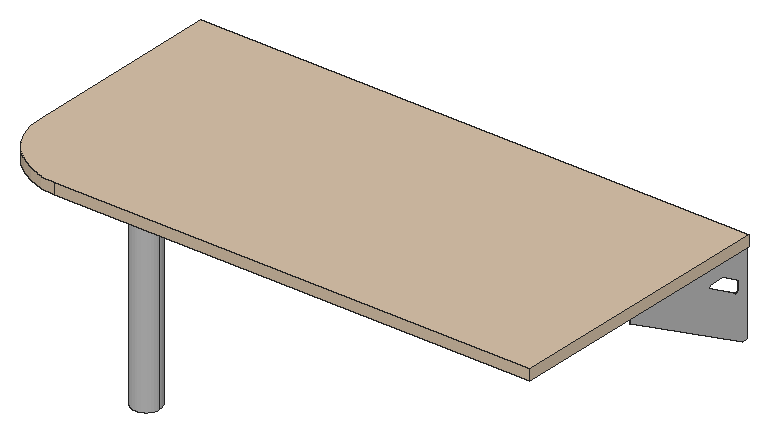
Revit family "Haworth_Compose_Worksurface_RectangularRadiusEnd", category Furniture Systems, Revit 2018
Family settings
  Round Connector Dimension = Use Diameter
  Part Type = Normal
  OmniClass Number = 23.40.70.14.64.21
  OmniClass Title = Systems Furniture
  Work Plane-Based = No
  Always vertical = Yes
  Cut with Voids When Loaded = No
  Shared = No
  Room Calculation Point = No
Parameters (values of type "60w 30d")
  Worksurface Finish = Haworth _ Laminate _ Maple H-AE
  Worksurface Edge Finish = Haworth _ Laminate _ Maple H-AE
  Warranty = "http://www.haworth.com/resources/product-info/warranties"
  URL - Product = "http://www.haworth.com/products/workspaces/panel-based/compose"
  Sustainability Info = "http://media.haworth.com/asset/2999/Compose%20PEDS.pdf"
  Support Right [instance] = and(Right Leg, or(Support Panel, Support Post_90 Degree, Support Post_45 Degree, Support P Leg, Support Column, Double Support Leg, Cantilever Bracket))  # yes
  Support Post_90 Degree = no
  Support Post_45 Degree = no
  Support Panel = no
  Support P Leg = no
  Support Left [instance] = and(Left Leg, or(Support Panel, Support Post_90 Degree, Support Post_45 Degree, Support P Leg, Support Column, Double Support Leg, Cantilever Bracket))  # yes
  Support Finish = Haworth _ Paint _ Metallic Champagne
  Support Column = yes
  Right Leg [instance] = yes
  No Legs [instance] = not(or(Left Leg, Right Leg))  # no
  Model = "Haworth - Compose"  # constant formula
  Min. Depth = 18"  # constant formula
  Max. Depth = 36"  # constant formula
  Left Leg [instance] = yes
  Height = 29"
  Width = 60"
  URL = "www.haworth.com"
  Support Height = Height - Table Thickness  # 27 13/16"
  Size = "Verify Final Dim. w/ Haworth"  # constant formula
  Revision Number = "4"  # constant formula
  Min/Max Width = "24-60 in."  # constant formula
  Min/Max Height = "26-32 in."  # constant formula
  Min. Width = 24"  # constant formula
  Max. Width = 120"  # constant formula
  Min. Height = 24"  # constant formula
  Max. Height = 48"  # constant formula
  Manufacturer = "Haworth"  # constant formula
  End Support Location = if(Support Panel, 3/4", 1 3/4")  # 1 3/4"
  Double Support Leg = no
  Description = "Haworth - Worksurface - Compose Rectangular - Radius End"  # constant formula
  Depth = 30"
  Custom Size = not(and(and(not(Height > 32"), not(Height < 26")), or(Depth = 18", Depth = 24", Depth = 30"), or(Width = 24", Width = 30", Width = 36", Width = 42", Width = 48", Width = 54", Width = 60")))  # no
  Cantilever Bracket Location = 1 3/4"  # constant formula
  Cantilever Bracket = yes
  Author = "Haworth (Hampton)"  # constant formula
  Assembly Code = "E2020200"
  Actual Width = if(Width > Max. Width, Max. Width, if(Width < Min. Width, Min. Width, Width))  # 60"
  Actual Height = if(Height > Max. Height, Max. Height, if(Height < Min. Height, Min. Height, Height))  # 29"
  Table Thickness = 1 3/16"  # constant formula
  Min/Max Depth = "18-30 in."  # constant formula
  Actual Depth = if(Depth > Max. Depth, Max. Depth, if(Depth < Min. Depth, Min. Depth, Depth))  # 30"
Reference planes (in)
  plane 1 "Center F/B": y = 0
  plane 2 "Floor": z = 0
  plane 3 "Center L/R": x = 0
  plane 4 "Table Edge Left": x = -30
  plane 5 "Table Edge Right": x = 30
  plane 6 "Table Edge Back": y = -15
  plane 7 "Table Edge Front": y = 15
  plane 8 "Table top": z = 29
  plane 9 "End Support Location": x = -28.25
  plane 10 "Masking Region": z = 27
  plane 11: y = -7
  plane 12: x = -22
Lines and regions (in)
  Masking region 1
    outline origin (0, 0, 27) x (0, -1, 0) y (1, 0, 0)
      loop
        line (-15, -30) -> (7, -30)
        arc (7, -30) -> (12.65685, -27.65685) -> (15, -22) r 8
        line (15, -22) -> (15, 30) -> (-15, 30) -> (-15, -30)
Dimensions and locks (in)
  "Actual Depth": plane 7 "Table Edge Front" to plane 6 "Table Edge Back"
  "Actual Width": plane 4 "Table Edge Left" to plane 5 "Table Edge Right"
  equal spacing: plane 4 "Table Edge Left", plane 3 "Center L/R", plane 5 "Table Edge Right"
  equal spacing: plane 7 "Table Edge Front", plane 1 "Center F/B", plane 6 "Table Edge Back"
  "Actual Height": plane 8 "Table top" to level
  "End Support Location": plane 4 "Table Edge Left" to plane 9 "End Support Location"
  "End Support Location": nested 7 to plane 5 "Table Edge Right"
  locked: plane 4 "Table Edge Left" to nested 3 at 3
  locked: nested 3 to plane 6 "Table Edge Back" at 12
  locked: plane 7 "Table Edge Front" to nested 2 at 3
  locked: plane 4 "Table Edge Left" to nested 2 at 3
  locked: nested 5 to plane 5 "Table Edge Right" at 3
  locked: nested 5 to plane 6 "Table Edge Back" at 3
  locked: plane 7 "Table Edge Front" to nested 4 at 3
  locked: nested 4 to plane 5 "Table Edge Right" at 3
  locked: plane 4 "Table Edge Left" to nested 6 at 6
  locked: plane 8 "Table top" to plane 10 "Masking Region" at 2
  "Cantilever Bracket Location": nested 8 to plane 5 "Table Edge Right"
  locked: plane 4 "Table Edge Left" to plane 12 at 8
  locked: plane 11 to plane 6 "Table Edge Back" at 8
  aligned and locked: plane 3 "Center L/R" to nested 1
  aligned and locked: plane 1 "Center F/B" to nested 1
  aligned and locked: nested 7 to plane 1 "Center F/B"
  aligned and locked: plane 1 "Center F/B" to nested 6
  aligned and locked: plane 4 "Table Edge Left" to Masking region 1 sketch curve
  aligned and locked: Masking region 1 sketch curve to plane 7 "Table Edge Front"
  aligned and locked: nested 1 to Masking region 1 sketch curve
  aligned and locked: Masking region 1 sketch curve to nested 1
  aligned and locked: plane 7 "Table Edge Front" to nested 8
  aligned: plane 5 "Table Edge Right" to nested 8
  aligned: nested 8 to plane 5 "Table Edge Right"
Automatic sketch dimensions
  Masking region 1 sketch curve to plane 11 = 0"
Nested families (in)
  nested 1: "Worksurface-Rectangular_Radius_End" at (0, -15, 0), type "Worksurface"
  nested 2: "Haworth_Worksurface-Support_Part-Leg" at (-35.5, -9.23931, 0), visible <- "Support Left", type "Support"
  nested 3: "Haworth_Worksurface-Support_Part-Leg" at (-35.5, 18.23931, 0), visible <- "Support Left", type "Support"
  nested 4: "Haworth_Worksurface-Support_Part-Leg" at (18.5, 33.23931, 0), visible <- "Support Right", type "Support"
  nested 5: "Haworth_Worksurface-Support_Part-Leg" at (35.5, 9.23931, 0) x (-1, 0, 0) z (0, 0, 1), visible <- "Support Right", type "Support"
  nested 6: "Haworth_Worksurface-Support_Part-Round" at (-24, -5.5, 0), visible <- "Support Left", type "Base"
    with Disc Base no
  nested 7: "Haworth_Worksurface-Support_Part-End" at (19.75, 7.86431, 0), visible <- "Support Right", type "Support"
    with Support P Leg no, Leg Support no, Back Support Location 1"
  nested 8: "Haworth_Worksurface-Support_Part-Cantilever-Compose" at (38.32813, 7.86431, 0) x (-1, 0, 0) z (0, 0, 1), visible <- "Support Right", type "Support"
Definition of nested family "Worksurface-Rectangular_Radius_End"
  Parameters
    Width = 0"
    Warranty = ""
    URL - Product = ""
    URL = "www.haworth.com"
    Table Thickness = 1 3/16"
    Table Finish = none
    Table Edge Finish = none
    Sustainability Info = ""
    Size = "Verify Final Dim. w/ Haworth"  # constant formula
    Revision Number = ""
    OmniClass Number = ""
    Min/Max Width = ""
    Min/Max Height = ""
    Min. Width = 0"
    Max. Width = 0"
    Min. Height = 0"
    Max. Height = 0"
    Material Options = ""
    Manufacturer = "Haworth"  # constant formula
    LEED Data = ""
    Height = 0"
    Author = "Sarah Hampton"  # constant formula
    Assembly Code = ""
    Actual Width = 60"
    Actual Height = 29"
    Actual Depth = 30"
  Reference planes (in)
    plane 1 "Center F/B": y = 15
    plane 2: z = 0
    plane 3 "Center L/R": x = 0
    plane 4 "Table Front": y = 30
    plane 5 "Table Right": x = 30
    plane 6 "Table Left": x = -30
    plane 7 "Table Back": y = 0
    plane 8 "Table Top": z = 29
    plane 9 "Table Bottom": z = 27.8125
    plane 10: x = -22
    plane 11: y = 8
  Forms (in)
    Extrusion 1, solid, material <- "Table Finish"
      sketch origin (0, 0, 0) x (1, 0, 0) y (0, 1, 0)
        loop
          line (-30, 30) -> (-30, 8)
          arc (-30, 8) -> (-27.65685, 2.34315) -> (-22, 0) r 8
          line (-22, 0) -> (30, 0) -> (30, 30) -> (-30, 30)
      from 27.8125 to 29
  Lines and regions (in)
    Masking region 1
      outline origin (0, 0, 29) x (-1, 0, 0) y (0, -1, 0)
        loop
          line (30, -30) -> (30, -8)
          arc (30, -8) -> (27.65685, -2.34315) -> (22, 0) r 8
          line (22, 0) -> (-30, 0) -> (-30, -30) -> (30, -30)
  Dimensions and locks (in)
    "Actual Depth": plane 7 "Table Back" to plane 4 "Table Front"
    "Actual Width": plane 6 "Table Left" to plane 5 "Table Right"
    equal spacing: plane 6 "Table Left", plane 3 "Center L/R", plane 5 "Table Right"
    equal spacing: plane 4 "Table Front", plane 1 "Center F/B", plane 7 "Table Back"
    "Table Thickness": plane 8 "Table Top" to plane 9 "Table Bottom"
    "Actual Height": plane 8 "Table Top" to level
    locked: plane 7 "Table Back" to plane 11 at 8
    locked: plane 6 "Table Left" to plane 10 at 8
    aligned and locked: plane 6 "Table Left" to Extrusion 1 sketch curve
    aligned and locked: Extrusion 1 sketch curve to plane 4 "Table Front"
    aligned and locked: plane 7 "Table Back" to Extrusion 1 sketch curve
    aligned and locked: plane 5 "Table Right" to Extrusion 1 sketch curve
    aligned and locked: plane 8 "Table Top" to Extrusion 1
    aligned and locked: Extrusion 1 to plane 9 "Table Bottom"
    aligned and locked: Masking region 1 sketch curve to plane 7 "Table Back"
    aligned and locked: plane 5 "Table Right" to Masking region 1 sketch curve
    aligned and locked: Masking region 1 sketch curve to plane 4 "Table Front"
    aligned and locked: plane 6 "Table Left" to Masking region 1 sketch curve
  Automatic sketch dimensions
    Masking region 1 sketch curve to plane 10 = 0"
    Extrusion 1 sketch curve to plane 10 = 0"
Definition of nested family "Haworth_Worksurface-Support_Part-Round"
  Parameters
    Warranty = ""
    URL - Product = ""
    URL = "www.haworth.com"
    Support Column = yes
    Leg Height = 27 13/16"
    Disc Radius = 10 1/2"
    Disc Base = yes
    Base Finish = none
    Sustainability Info = ""
    Size = "Verify Final Dim. w/ Haworth"  # constant formula
    Revision Number = ""
    OmniClass Number = ""
    Material Options = ""
    Manufacturer = "Haworth"  # constant formula
    LEED Data = ""
    Author = "SHAPE Environments, LLC"  # constant formula
    Assembly Code = ""
  Reference planes (in)
    plane 1 "Center F/B": y = 5.5
    plane 2: z = 0
    plane 3 "Center L/R": x = 0
    plane 4 "Table Bottom": z = 27.8125
  Forms (in)
    Revolve 1, solid, material <- "Base Finish", visible <- "Disc Base"
      sketch origin (0, 5.5, 0) x (1, 0, 0) y (0, 0, 1)
        loop
          line (0, 27.8125) -> (-1.5, 27.8125) -> (-1.5, 1.25) -> (-3.53244, 1.25) -> (-4.28244, 0.5) -> (-10.5, 0.5) -> (-10.5, 0) -> (0, 0) -> (0, 27.8125)
        axis (0, 27.8125) -> (0, 0)
      angle from 0 to 360
    Revolve 2, solid, material <- "Base Finish", visible <- "Support Column"
      sketch origin (0, 5.5, 0) x (1, 0, 0) y (0, 0, 1)
        loop
          line (0, 27.8125) -> (-1.5, 27.8125) -> (-1.5, 0) -> (0, 0) -> (0, 27.8125)
        axis (0, 27.8125) -> (0, 0)
      angle from 0 to 360
  Lines and regions (in)
    symbolic lines, visible <- "Disc Base", detail levels fine
      curve 1: circle (0, 5.5, 0) r 10.5 normal (0, 0, 1)
      curve 3: circle (0, 5.5, 0) r 1.5 normal (0, 0, 1)
    symbolic lines, visible <- "Support Column", detail levels fine
      curve 2: circle (0, 5.5, 0) r 1.5 normal (0, 0, 1)
  Dimensions and locks (in)
    "Disc Radius": plane 3 "Center L/R" to Revolve 1 sketch curve
    "Leg Height": plane 4 "Table Bottom" to level
    plane 3 "Center L/R" to Revolve 1 sketch curve = 1 1/2"
    locked: plane 3 "Center L/R" to Revolve 2 sketch curve at 1.5
    aligned and locked: Revolve 1 to plane 4 "Table Bottom"  (x2)
  Automatic sketch dimensions
    Revolve 1 sketch curve to level = 0"
    Revolve 1 sketch curve to plane 4 "Table Bottom" = 0"
    Revolve 1 sketch curve to plane 3 "Center L/R" = 0"  (x2)
    Revolve 1 sketch curve to Revolve 1 sketch curve = 2.03244"
    level to Revolve 1 sketch curve = 1/2"
    Revolve 1 sketch curve to Revolve 1 sketch curve = 3/4"
    Revolve 1 sketch curve to Revolve 1 sketch curve = 6.24462"
    level to Revolve 1 sketch curve = 1 1/4"
    Revolve 1 sketch curve to Revolve 1 sketch curve = 7.21204"
    Revolve 2 sketch curve to plane 4 "Table Bottom" = 0"
    Revolve 2 sketch curve to plane 3 "Center L/R" = 0"  (x2)
    Revolve 2 sketch curve to Revolve 2 sketch curve = 6.24462"
    Revolve 2 sketch curve to Revolve 2 sketch curve = 7.21204"
    Revolve 2 sketch curve to level = 0"
    curve 1 to curve 2 = 0"  (x2)
    curve 1 to curve 3 = 0"  (x2)
    curve 2 to curve 3 = 0"  (x2)
    plane 1 "Center F/B" to curve 2 = 0"
    curve 2 to plane 3 "Center L/R" = 0"
    radius of curve 1 = 10 1/2"
    radius of curve 2 = 1 1/2"
    radius of curve 3 = 1 1/2"
Definition of nested family "Haworth_Worksurface-Support_Part-Cantilever-Compose"
  Parameters
    Worksurface Height = 29"
    Worksurface Depth = 30"
    Warranty = ""
    URL - Product = ""
    URL = "www.haworth.com"
    Top Thickness = 1 3/16"
    Sustainability Info = ""
    Support Thickness = 3/32"  # constant formula
    Support Height = Actual Height - Top Thickness  # 27 13/16"
    Support Finish = none
    Support Depth = 16"  # constant formula
    Size = "Verify Final Dim. w/ Haworth"  # constant formula
    Revision Number = "1"  # constant formula
    Model = "Worksurface"
    Standard Height = "12.75 in."  # constant formula
    Standard Depth = "15.75 in."  # constant formula
    Min. Height = 20"  # constant formula
    Min. Depth = 18"  # constant formula
    Max. Height = 48"  # constant formula
    Max. Depth = 36"  # constant formula
    Manufacturer = "Haworth"  # constant formula
    LEED Data = ""
    Description = "Worksurface Support End"  # constant formula
    Cantilever Bracket = yes
    Bottom Strut Thickness = 1"  # constant formula
    Bottom Strut Location = 9"  # constant formula
    Author = "SHAPE Environments, LLC"  # constant formula
    Assembly Code = ""
    Actual Top Thickness = if(Top Thickness > 3", 3", if(Top Thickness < 1", 1", Top Thickness))  # 1 3/16"
    Actual Height = 29"
    Actual Depth = 30"
  Reference planes (in)
    plane 1: z = 0
    plane 2 "Center L/R": x = 8.5
    plane 3 "Support Left Edge": x = 8.45312
    plane 4 "Support Right Edge": x = 8.54688
    plane 5 "Back": y = 7.13569
    plane 6 "Front": y = -8.86431
    plane 7 "Support Top": z = 27.8125
  Forms (in)
    Extrusion 1, solid, material <- "Support Finish", visible <- "Cantilever Bracket"
      sketch origin (8.45312, 0, 0) x (0, -1, 0) y (0, 0, 1)
        loop
          line (-7.13569, 27.71875) -> (-7.13569, 18.71875) -> (-6.51069, 18.71875) -> (8.86431, 27.23304) -> (8.86431, 27.71875) -> (-7.13569, 27.71875)
        loop
          line (-2.13709, 26.21875) -> (-3.85577, 26.21875)
          arc (-3.85577, 26.21875) -> (-3.91832, 26.2108) -> (-3.97688, 26.18745) r 0.25
          line (-3.97688, 26.18745) -> (-5.94171, 25.09938)
          arc (-5.94171, 25.09938) -> (-5.99206, 25.0533) -> (-6.01069, 24.98764) r 0.125
          line (-6.01069, 24.98764) -> (-6.01069, 24.06204)
          arc (-6.01069, 24.06204) -> (-5.88914, 23.84756) -> (-5.64268, 23.84164) r 0.25
          line (-5.64268, 23.84164) -> (-2.03161, 25.84136)
          arc (-2.03161, 25.84136) -> (-1.94116, 26.07007) -> (-2.13709, 26.21875) r 0.20343
      from 0 to -0.09375
    Extrusion 2, solid, material <- "Support Finish", visible <- "Cantilever Bracket"
      sketch origin (0, 0, 27.8125) x (-1, 0, 0) y (0, -1, 0)
        loop
          line (-8.45313, -6.51069) -> (-8.45312, 8.86431) -> (-10.07812, 8.86431) -> (-10.07813, -6.51069) -> (-8.45313, -6.51069)
      from 0 to -0.09375
  Cuts and joins
    joined: Extrusion 1, Extrusion 2
  Lines and regions (in)
    symbolic lines, visible <- "Cantilever Bracket", detail levels fine
      curve 1: line (8.45312, 7.13569, 0) -> (8.54688, 7.13569, 0)
      curve 2: line (8.45312, -8.86431, 0) -> (8.45312, 7.13569, 0)
      curve 3: line (10.07813, -8.86431, 0) -> (8.45312, -8.86431, 0)
      curve 4: line (8.54688, 7.13569, 0) -> (8.54688, 6.51069, 0)
      curve 5: line (8.54688, 6.51069, 0) -> (10.07813, 6.51069, 0)
      curve 6: line (10.07813, 6.51069, 0) -> (10.07813, -8.86431, 0)
  Dimensions and locks (in)
    "Support Thickness": plane 3 "Support Left Edge" to plane 4 "Support Right Edge"
    equal spacing: plane 3 "Support Left Edge", plane 2 "Center L/R", plane 4 "Support Right Edge"
    "Support Depth": plane 5 "Back" to plane 6 "Front"
    "Support Height": plane 7 "Support Top" to level
    locked: Extrusion 1 sketch curve to Extrusion 1 sketch curve at 9
    locked: Extrusion 1 sketch curve to Extrusion 1 sketch curve at 1.125
    locked: Extrusion 1 sketch curve to Extrusion 1 sketch curve at 1.5
    aligned and locked: plane 4 "Support Right Edge" to Extrusion 1
    aligned and locked: plane 7 "Support Top" to Extrusion 2
  Automatic sketch dimensions
    Extrusion 2 sketch curve to plane 6 "Front" = 0"
    Extrusion 2 sketch curve to plane 3 "Support Left Edge" = 0"
    plane 4 "Support Right Edge" to Extrusion 2 sketch curve = 1 17/32"
    Extrusion 2 sketch curve to plane 5 "Back" = 5/8"
    Extrusion 1 sketch curve to plane 5 "Back" = 0"
    Extrusion 1 sketch curve to plane 6 "Front" = 0"
    Extrusion 1 sketch curve to plane 5 "Back" = 5/8"
    Extrusion 1 sketch curve to Extrusion 1 sketch curve = 0.06898"
    Extrusion 1 sketch curve to Extrusion 1 sketch curve = 1/8"
    Extrusion 1 sketch curve to Extrusion 1 sketch curve = 1/4"  (x2)
    Extrusion 1 sketch curve to Extrusion 1 sketch curve = 0.11801"
    Extrusion 1 sketch curve to Extrusion 1 sketch curve = 1 247/256"
    Extrusion 1 sketch curve to Extrusion 1 sketch curve = 31/256"
    Extrusion 1 sketch curve to Extrusion 1 sketch curve = 1.71868"
    Extrusion 1 sketch curve to Extrusion 1 sketch curve = 27/256"
    Extrusion 1 sketch curve to plane 7 "Support Top" = 9 3/32"
    Extrusion 1 sketch curve to Extrusion 1 sketch curve = 2.37711"
    Extrusion 1 sketch curve to Extrusion 1 sketch curve = 0.9256"
    Extrusion 1 sketch curve to Extrusion 1 sketch curve = 0.37739"
    Extrusion 1 sketch curve to Extrusion 1 sketch curve = 0.48571"
    curve 3 to plane 3 "Support Left Edge" = 0"
    curve 1 to plane 4 "Support Right Edge" = 0"
    curve 6 to plane 6 "Front" = 0"
    curve 4 to plane 5 "Back" = 0"
    curve 6 to plane 5 "Back" = 5/8"
    plane 4 "Support Right Edge" to curve 6 = 1 17/32"
Definition of nested family "Haworth_Worksurface-Support_Part-Leg"
  Parameters
    Top Thickness = 1 3/16"
    Support Post Standard = no
    Support Post 45 Degree = no
    Support Height = Actual Height - Top Thickness  # 27 13/16"
    Model = "Worksurface"
    Worksurface Height = 29"
    Warranty = "www.haworth.com/en-us/Products/Pages/Certifications.aspx"
    URL - Product = "www.haworth.com/en-us/Products/Furniture/Systems/Desking-Systems/Pages/Compose.aspx"
    URL = "www.haworth.com"
    Sustainability Info = "www.haworth.com/en-us/About-Us/Sustainability/Pages/Vision.aspx"
    Support Finish = none
    Size = "Verify Final Dim. w/ Haworth"  # constant formula
    Revision Number = "1"  # constant formula
    Min/Max Height = "26-32 in."  # constant formula
    Min. Height = 20"  # constant formula
    Max. Height = 48"  # constant formula
    Manufacturer = "Haworth"  # constant formula
    LEED Data = "www.haworth.com/_layouts/Haworth.ProductCatalog/Handlers/GetAsset.ashx/ComposeLEEDContributions.pdf?cid=27&rid=1824&type=Leed"
    Description = "Worksurface Support"  # constant formula
    Author = "SHAPE Environments, LLC"  # constant formula
    Assembly Code = "E2020200"
    Actual Top Thickness = if(Top Thickness > 3", 3", if(Top Thickness < 1", 1", Top Thickness))  # 1 3/16"
    Actual Height = 29"
  Reference planes (in)
    plane 1: z = 0
    plane 2 "Center L/R": x = 8.5
    plane 3 "Support Top": z = 27.8125
    plane 4 "Center F/B": y = -21.23931
  Forms (in)
    Extrusion 1, solid, material <- "Support Finish", visible <- "Support Post Standard"
      sketch origin (0, 0, 0) x (1, 0, 0) y (0, 1, 0)
        loop
          line (7.75, -22.86431) -> (9.25, -22.86431) -> (9.25, -19.61431) -> (7.75, -19.61431) -> (7.75, -22.86431)
      from 0 to 27.8125
    Extrusion 2, solid, material <- "Support Finish", visible <- "Support Post 45 Degree"
      sketch origin (17.50805, -0.21044, 0) x (0.707107, -0.707107, 0) y (0.707107, 0.707107, 0)
        loop
          line (7.75, -22.86431) -> (9.25, -22.86431) -> (9.25, -19.61431) -> (7.75, -19.61431) -> (7.75, -22.86431)
      from 0 to 27.8125
  Lines and regions (in)
    symbolic lines, visible <- "Support Post Standard", detail levels fine
      curve 1: line (7.75, -19.61431, 0) -> (9.25, -19.61431, 0)
      curve 2: line (7.75, -22.86431, 0) -> (7.75, -19.61431, 0)
      curve 3: line (9.25, -22.86431, 0) -> (7.75, -22.86431, 0)
      curve 4: line (9.25, -19.61431, 0) -> (9.25, -22.86431, 0)
    symbolic lines, visible <- "Support Post 45 Degree", detail levels fine
      curve 5: line (6.82062, -21.85803, 0) -> (9.11872, -19.55993, 0)
      curve 6: line (9.11872, -19.55993, 0) -> (10.17938, -20.62059, 0)
      curve 7: line (10.17938, -20.62059, 0) -> (7.88128, -22.91869, 0)
      curve 8: line (7.88128, -22.91869, 0) -> (6.82062, -21.85803, 0)
  Dimensions and locks (in)
    "Support Height": plane 3 "Support Top" to level
    aligned and locked: plane 3 "Support Top" to Extrusion 1
    aligned and locked: plane 3 "Support Top" to Extrusion 2
  Automatic sketch dimensions
    Extrusion 1 sketch curve to plane 4 "Center F/B" = 1 5/8"
    plane 2 "Center L/R" to Extrusion 1 sketch curve = 3/4"
    Extrusion 1 sketch curve to plane 2 "Center L/R" = 3/4"
    plane 4 "Center F/B" to Extrusion 1 sketch curve = 1 5/8"
    plane 2 "Center L/R" to Extrusion 2 sketch curve = 0.61872"
    Extrusion 2 sketch curve to plane 4 "Center F/B" = 1.67938"
    Extrusion 2 sketch curve to Extrusion 2 sketch curve = 1 1/2"
    Extrusion 2 sketch curve to Extrusion 2 sketch curve = 3 1/4"
    plane 4 "Center F/B" to curve 5 = 0.61872"
    curve 2 to plane 2 "Center L/R" = 3/4"
    curve 2 to curve 7 = 0.13128"
    plane 2 "Center L/R" to curve 6 = 0.61872"
    curve 5 to curve 4 = 0.13128"
    curve 6 to plane 4 "Center F/B" = 0.61872"
    curve 1 to curve 6 = 0.92938"
    curve 7 to curve 2 = 0.05438"
    curve 1 to curve 5 = 0.05438"
Definition of nested family "Haworth_Worksurface-Support_Part-End"
  Parameters
    Worksurface Height = 29"
    Worksurface Depth = 30"
    Warranty = ""
    URL - Product = ""
    URL = "www.haworth.com"
    Top Thickness = 1 3/16"
    Sustainability Info = ""
    Support Thickness = if(Support Panel, 1 1/2", 2")  # 2"
    Support Panel = no
    Support P Leg = yes
    Support Height = Actual Height - Top Thickness  # 27 13/16"
    Support Finish = none
    Support Double Leg = no
    Size = "Verify Final Dim. w/ Haworth"  # constant formula
    Revision Number = "1"  # constant formula
    Model = "Worksurface"
    Min/Max Height = "26-32 in."  # constant formula
    Min/Max Depth = "18-36 in."  # constant formula
    Min. Height = 20"  # constant formula
    Min. Depth = 18"  # constant formula
    Max. Height = 48"  # constant formula
    Max. Depth = 36"  # constant formula
    Manufacturer = "Haworth"  # constant formula
    Leg Support = or(Support P Leg, Support Double Leg)  # yes
    LEED Data = ""
    Description = "Worksurface Support End"  # constant formula
    Bottom Strut Thickness = 1"  # constant formula
    Bottom Strut Location = 9"  # constant formula
    Back Support Location = if(Support P Leg, 0", 1")  # 0"
    Author = "SHAPE Environments, LLC"  # constant formula
    Assembly Code = ""
    Actual Top Thickness = if(Top Thickness > 3", 3", if(Top Thickness < 1", 1", Top Thickness))  # 1 3/16"
    Actual Height = 29"
    Actual Depth = 30"
  Reference planes (in)
    plane 1: z = 0
    plane 2 "Center L/R": x = 8.5
    plane 3 "Support Left Edge": x = 7.5
    plane 4 "Support Right Edge": x = 9.5
    plane 5 "Back": y = 7.13569
    plane 6 "Front": y = -22.86431
    plane 7 "Support Top": z = 27.8125
    plane 8 "Mid Strut Top": z = 21.5625
    plane 9 "Mid Strut Bottom": z = 20.8125
    plane 10 "Top Strut Bottom": z = 26.0625
    plane 11 "Front Support Exterior": y = -21.86431
    plane 12 "Front Support Interior": y = -20.86431
    plane 13 "Back Support Interior": y = 6.13569
    plane 14 "Back Support Exterior": y = 7.13569
    plane 15 "Center F/B": y = -7.86431
  Forms (in)
    Extrusion 1, solid, material <- "Support Finish", visible <- "Support Panel"
      sketch origin (0, 0, 0) x (1, 0, 0) y (0, 1, 0)
        loop
          line (7.5, 7.13569) -> (7.5, -22.86431) -> (9.5, -22.86431) -> (9.5, 7.13569) -> (7.5, 7.13569)
      from 0 to 27.8125
    Extrusion 2, solid, material <- "Support Finish", visible <- "Support P Leg"
      sketch origin (8.5, 0, 0) x (0, 1, 0) y (0, 0, 1)
        loop
          line (7.13569, 20.8125) -> (7.13569, 27.8125) -> (6.13569, 27.8125) -> (6.13569, 21.5625) -> (-20.86431, 21.5625) -> (-20.86431, 27.8125) -> (-21.86431, 27.8125) -> (-21.86431, 0) -> (-20.86431, 0) -> (-20.86431, 20.8125) -> (7.13569, 20.8125)
      from -1 to 1
    Extrusion 3, solid, material <- "Support Finish", visible <- "Support Double Leg"
      sketch origin (8.5, 0, 0) x (0, 1, 0) y (0, 0, 1)
        loop
          line (6.13569, 20.8125) -> (6.13569, 0) -> (7.13569, 0) -> (7.13569, 27.8125) -> (6.13569, 27.8125) -> (6.13569, 21.5625) -> (-20.86431, 21.5625) -> (-20.86431, 27.8125) -> (-21.86431, 27.8125) -> (-21.86431, 0) -> (-20.86431, 0) -> (-20.86431, 20.8125) -> (6.13569, 20.8125)
      from -1 to 1
    Extrusion 4, solid, material <- "Support Finish", visible <- "Leg Support"
      sketch origin (8.5, 0, 0) x (0, 1, 0) y (0, 0, 1)
        loop
          line (6.13569, 27.8125) -> (-20.86431, 27.8125) -> (-20.86431, 26.0625) -> (6.13569, 26.0625) -> (6.13569, 27.8125)
      from -0.625 to 0.625
  Lines and regions (in)
    symbolic lines, visible <- "Support Double Leg", detail levels fine
      curve 1: line (7.5, 7.13569, 0) -> (9.5, 7.13569, 0)
      curve 6: line (7.5, -21.86431, 0) -> (7.5, 7.13569, 0)
      curve 7: line (9.5, -21.86431, 0) -> (7.5, -21.86431, 0)
      curve 8: line (9.5, 7.13569, 0) -> (9.5, -21.86431, 0)
    symbolic lines, visible <- "Support Panel", detail levels fine
      curve 2: line (7.5, -22.86431, 0) -> (7.5, 7.13569, 0)
      curve 3: line (9.5, -22.86431, 0) -> (7.5, -22.86431, 0)
      curve 4: line (9.5, 7.13569, 0) -> (9.5, -22.86431, 0)
      curve 9: line (7.5, 7.13569, 0) -> (9.5, 7.13569, 0)
    symbolic lines, visible <- "Support P Leg", detail levels fine
      curve 5: line (7.5, 7.13569, 0) -> (9.5, 7.13569, 0)
      curve 10: line (7.5, -21.86431, 0) -> (7.5, 7.13569, 0)
      curve 11: line (9.5, -21.86431, 0) -> (7.5, -21.86431, 0)
      curve 12: line (9.5, 7.13569, 0) -> (9.5, -21.86431, 0)
  Dimensions and locks (in)
    "Support Thickness": plane 3 "Support Left Edge" to plane 4 "Support Right Edge"
    equal spacing: plane 3 "Support Left Edge", plane 2 "Center L/R", plane 4 "Support Right Edge"
    "Actual Depth": plane 5 "Back" to plane 6 "Front"
    locked: plane 7 "Support Top" to plane 10 "Top Strut Bottom" at 1.75
    "Support Height": plane 7 "Support Top" to level
    "Back Support Location": plane 5 "Back" to plane 14 "Back Support Exterior"
    locked: plane 14 "Back Support Exterior" to plane 13 "Back Support Interior" at 1
    plane 12 "Front Support Interior" to plane 11 "Front Support Exterior" to plane 6 "Front" = 1" locked, 1" locked
    plane 7 "Support Top" to plane 9 "Mid Strut Bottom" = 7"
    locked: plane 8 "Mid Strut Top" to plane 9 "Mid Strut Bottom" at 0.75
    equal spacing: plane 5 "Back", plane 15 "Center F/B", plane 6 "Front"
    aligned and locked: plane 3 "Support Left Edge" to Extrusion 1 sketch curve
    aligned and locked: Extrusion 1 sketch curve to plane 5 "Back"
    aligned and locked: plane 6 "Front" to Extrusion 1 sketch curve
    aligned and locked: Extrusion 1 sketch curve to plane 4 "Support Right Edge"
    aligned and locked: plane 7 "Support Top" to Extrusion 1
    aligned: Extrusion 1 to level
    aligned and locked: Extrusion 1 to plane 7 "Support Top"
    aligned and locked: Extrusion 1 to plane 1
    aligned and locked: plane 1 to Extrusion 1
    aligned and locked: plane 9 "Mid Strut Bottom" to Extrusion 2 sketch curve
    aligned and locked: plane 8 "Mid Strut Top" to Extrusion 2 sketch curve
    aligned and locked: plane 12 "Front Support Interior" to Extrusion 2 sketch curve
    aligned and locked: plane 11 "Front Support Exterior" to Extrusion 2 sketch curve
    aligned and locked: plane 7 "Support Top" to Extrusion 2 sketch curve
    aligned and locked: level to Extrusion 2 sketch curve
    aligned and locked: plane 13 "Back Support Interior" to Extrusion 3 sketch curve
    aligned and locked: Extrusion 3 sketch curve to plane 13 "Back Support Interior"
    aligned and locked: Extrusion 3 sketch curve to plane 14 "Back Support Exterior"
    aligned and locked: Extrusion 3 sketch curve to plane 7 "Support Top"  (x2)
    aligned and locked: Extrusion 3 sketch curve to plane 11 "Front Support Exterior"
    aligned and locked: Extrusion 3 sketch curve to plane 12 "Front Support Interior"  (x2)
    aligned and locked: Extrusion 3 sketch curve to plane 9 "Mid Strut Bottom"
    aligned and locked: Extrusion 3 sketch curve to plane 8 "Mid Strut Top"
    aligned and locked: plane 3 "Support Left Edge" to Extrusion 3
    aligned and locked: plane 3 "Support Left Edge" to Extrusion 2
    aligned and locked: plane 4 "Support Right Edge" to Extrusion 3
    aligned and locked: plane 4 "Support Right Edge" to Extrusion 2
    aligned and locked: plane 13 "Back Support Interior" to Extrusion 2 sketch curve
    aligned and locked: Extrusion 2 sketch curve to plane 14 "Back Support Exterior"
    aligned and locked: plane 13 "Back Support Interior" to Extrusion 4 sketch curve
    aligned and locked: plane 10 "Top Strut Bottom" to Extrusion 4 sketch curve
    aligned and locked: plane 7 "Support Top" to Extrusion 4 sketch curve
    aligned and locked: plane 12 "Front Support Interior" to Extrusion 4 sketch curve
  Automatic sketch dimensions
    Extrusion 2 sketch curve to Extrusion 2 sketch curve = 0"
    Extrusion 2 sketch curve to plane 7 "Support Top" = 0"
    Extrusion 3 sketch curve to level = 0"  (x2)
    curve 10 to plane 3 "Support Left Edge" = 0"
    curve 7 to plane 4 "Support Right Edge" = 0"
    curve 3 to plane 6 "Front" = 0"
    plane 11 "Front Support Exterior" to curve 11 = 0"
    curve 9 to plane 5 "Back" = 0"
Types in the file's own list only (21): name | Width | Depth | Actual Width | Actual Depth
  18d 24w | 24" | 18" | 24" | 18"
  18d 30w | 30" | 18" | 30" | 18"
  18d 36w | 36" | 18" | 36" | 18"
  18d 42w | 42" | 18" | 42" | 18"
  18d 48w | 48" | 18" | 48" | 18"
  18d 54w | 54" | 18" | 54" | 18"
  18d 60w | 60" | 18" | 60" | 18"
  24d 24w | 24" | 24" | 24" | 24"
  24d 30w | 30" | 24" | 30" | 24"
  24d 36w | 36" | 24" | 36" | 24"
  24d 42w | 42" | 24" | 42" | 24"
  24d 48w | 48" | 24" | 48" | 24"
  24d 54w | 54" | 24" | 54" | 24"
  24d 60w | 60" | 24" | 60" | 24"
  30d 24w | 24" | 30" | 24" | 30"
  30d 30w | 30" | 30" | 30" | 30"
  30d 36w | 36" | 30" | 36" | 30"
  30d 42w | 42" | 30" | 42" | 30"
  30d 48w | 48" | 30" | 48" | 30"
  30d 54w | 54" | 30" | 54" | 30"
  30d 60w | 60" | 30" | 60" | 30"
